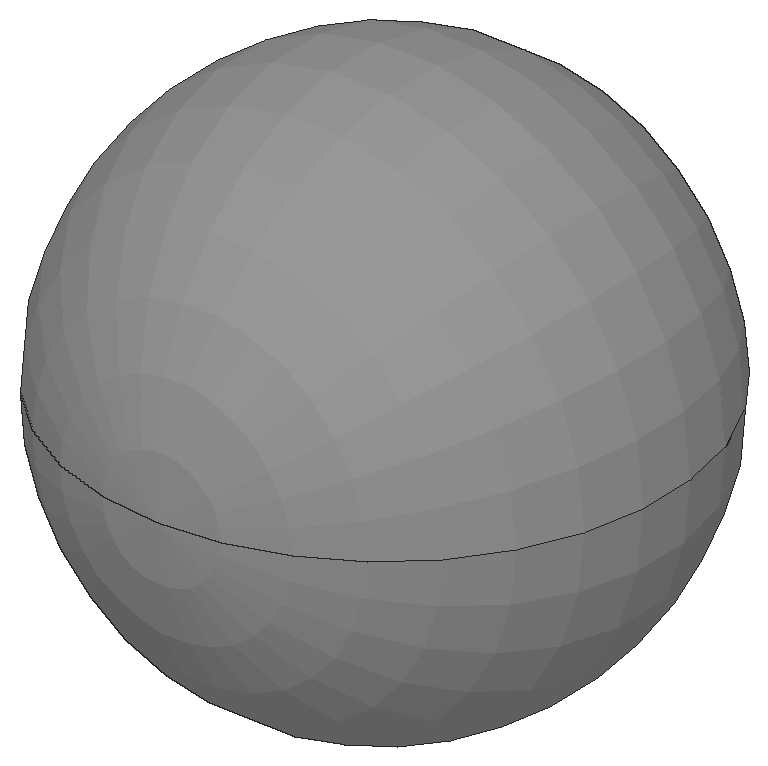
Revit family "soccer_ball_7947", category Generic Models, Revit 2020
Family settings
  Can host rebar = No
  Round Connector Dimension = Use Diameter
  Part Type = Normal
  Work Plane-Based = No
  Always vertical = Yes
  Cut with Voids When Loaded = No
  Shared = No
  Room Calculation Point = No
Parameters
  Default Elevation = 0' - 0"
Reference planes (in)
  plane 1 "Center (Front/Back)": y = 0
  plane 2: z = 0
  plane 3 "Center (Left/Right)": x = 0
Forms (in)
  Revolve 1, solid, material "HRTH"
    sketch origin (0, 0, 0) x (1, 0, 0) y (0, 1, 0)
      loop
        arc (0, 4.325) -> (-4.325, 0) -> (0, -4.325) r 4.325
        line (0, -4.325) -> (0, 4.325)
      axis (0, 4.325) -> (0, -4.325)
    angle from 0 to 360
